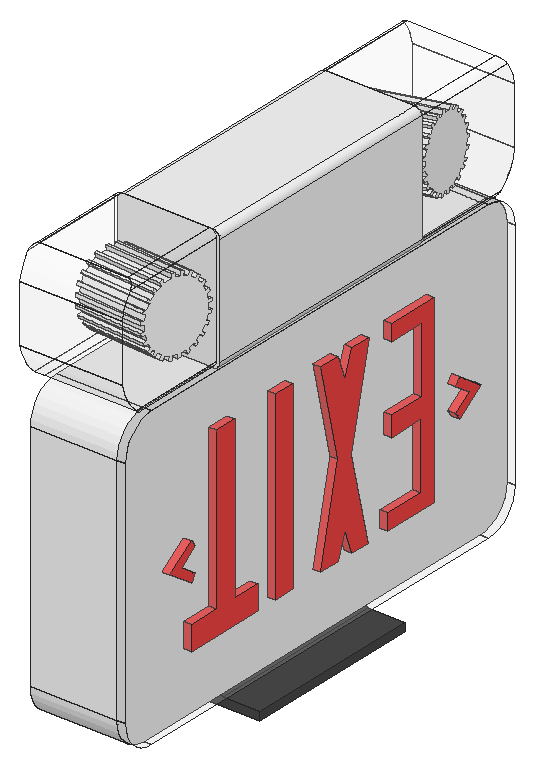
Revit family "DYNC_Ceiling", category Lighting Fixtures, host Face, Revit 2014
Parameters (values of type "DYNC-S-R")
  zz Length 1 [instance] = if(Single Face, 0.200", 0.250")  # 0.200"
  Watts = 3.72 W
  Wattage Comments = "3.72 W"
  Warranty = "Fixture: 5 Years Full; Battery: 2 Years Full, 8 Years Pro-Rata"  # constant formula
  Wall Plate Material = Hubbell - Black
  Voltage [instance] = if(Is 120VAC, 120 V, 277 V)  # 120 V
  URL = "https://www.hubbell.com/dual-lite/en"
  Type Comments = "Exit Light"  # constant formula
  Single Face = yes
  Product Page URL = "https://www.hubbell.com/dual-lite/en/Products/Lighting-Controls/Emergency-Exit-Lighting/Exit-Message-Signs/Dynamo-DYNC-Series/p/3015624"
  Product Documentation Link = "https://hubbellcdn.com/specsheet/DL_DYNC_SPEC.pdf"
  Model = "DYNC"  # constant formula
  Manufacturer = "DUAL-LITE"  # constant formula
  Load Classification = Lighting
  Lens = Hubbell - Red Glass
  Lamp = "LED Lamp"  # constant formula
  Is 277VAC [instance] = not(Is 120VAC)  # no
  Is 120VAC [instance] = yes
  Holder Material = Hubbell - Steel
  Glass = Hubbell - light Glass
  Finish = Hubbell - White
  Features = "NEMA 4X Rated\r\nUL Sanitation Certified\r\nFull Lumen output over 90 minutes of battery discharge\r\nHeavy Duty die-cast construction with polycarbonate shields\r\nLong-life Lithium Iron Phosphate battery\r\nRed or Green Letters in White or Black Finish\r\nWall, Ceiling or End Mount"  # constant formula
  Double Face = no
  Description = "DYNC Series is a highly versatile superior lumen output, industrial application combination Exit/Emergency lighting unit designed to provide a minimum of 90 minutes illumination when primary power is lost."  # constant formula
  Default Elevation = 48.000"
  Certification = "UL 924 Listed\r\nNFPA 101 Life Safety Code\r\nCEC T20 Compliant"  # constant formula
  Ceiling = Ceiling : C1
  Application = "NEMA 4 X, Wet, Industrial"  # constant formula
  Apparent Load = Watts  # 3.72 VA
Types (4): name | Lens | Double Face
  DYNC-S-R | Hubbell - Red Glass | no
  DYNC-S-G | Hubbell - Green Glass | no
  DYNC-D-G | Hubbell - Green Glass | yes
  DYNC-D-R | Hubbell - Red Glass | yes
Reference planes (in)
  plane 1 "Center (Front/Back)": y = 0
  plane 2: z = 0
  plane 3 "Center (Left/Right)": x = 0
  plane 4: x = -6.25
  plane 5: x = 6.25
  plane 6: x = -2.75
  plane 7: x = 2.75
  plane 8: z = 9.3
  plane 9: y = -1.25
  plane 10: y = 1.25
  plane 11: y = -2.2
  plane 12: y = 2.2
Forms (in)
  Extrusion 1, solid, material "Hubbell - Black" <- "Wall Plate Material"
    sketch origin (-0.33698, -0.33698, 0) x (1, 0, 0) y (0, 0, 1)
      loop
        line (2.20258, 0) -> (2.20258, 0.24288) -> (1.0795, 0.24288)
        arc (1.0795, 0.24288) -> (0.94157, 0.42301) -> (0.97906, 0.64676) r 0.28476
        line (0.97906, 0.64676) -> (-0.97906, 0.64676)
        arc (-0.97906, 0.64676) -> (-0.94157, 0.42301) -> (-1.0795, 0.24288) r 0.28476
        line (-1.0795, 0.24288) -> (-2.20258, 0.24288) -> (-2.20258, 0) -> (2.20258, 0)
    from -2.75 to 2.75
Dimensions and locks (in)
  plane 4 to plane 3 "Center (Left/Right)" = 6.250"
  equal spacing: plane 4, plane 3 "Center (Left/Right)", plane 5
  equal spacing: plane 6, plane 3 "Center (Left/Right)", plane 7
  plane 6 to plane 3 "Center (Left/Right)" = 2.750"
  plane 7 to plane 6 = 5.500"
  plane 5 to plane 4 = 12.500"
  aligned and locked: plane 2 to host face
  aligned and locked: level to host face
Automatic sketch dimensions
  host sketch curve to host sketch curve = 96.000"  (x2)
  Extrusion 1 sketch curve to level = 0.000"
  plane 6 to Extrusion 1 sketch curve = 0.21043"
  level to Extrusion 1 sketch curve = 0.49173"
  Extrusion 1 sketch curve to Extrusion 1 sketch curve = 0.98467"
  Extrusion 1 sketch curve to Extrusion 1 sketch curve = 0.13842"  (x2)
  Extrusion 1 sketch curve to Extrusion 1 sketch curve = 0.23886"
  plane 3 "Center (Left/Right)" to Extrusion 1 sketch curve = 0.64208"
  Extrusion 1 sketch curve to Extrusion 1 sketch curve = 0.10044"
  level to Extrusion 1 sketch curve = 0.24288"
  Extrusion 1 sketch curve to plane 7 = 0.8844"
  Extrusion 1 sketch curve to Extrusion 1 sketch curve = 0.24288"
Nested families (in)
  nested 1: "Ceiling" at (-0.3125, 0, 0.5625) x (0, 1, 0) z (0, 0, 1), type <- "Ceiling", type "C1"
  nested 2: "Family2" at (0.45318, 4.81217, 8.6175) x (-0.9744, -0.225, 0) z (0, 0, 1), type "Family2"
  nested 3: "Family2" at (0.32818, -5.18717, 8.6175) x (-0.9925, 0.1219, 0) z (0, 0, 1), type "Family2"
Connectors (in)
  electrical at (-0.33698, -0.33698, 0), driven by "Voltage", driven by "Apparent Load"
    settings: on Extrusion 1, index 1, voltage 120 V, apparent load 3.72 VA, apparent load phase1 0 VA, apparent load phase2 0 VA, apparent load phase3 0 VA, power factor 1, load classification "Other", number of poles 1, system type 30, power factor state 1, is connector primary yes, connector utility no, sub classification motor no, connector description "Lighting Connector"
Definition of nested family "Ceiling"
  Parameters (values of type "C1")
    Width = 3.100"
    Single Face = yes
    Lens = Hubbell - Red Glass
    Glass = Hubbell - light Glass
    Finish = Hubbell - White
    Double Face = no
  Reference planes (in)
    plane 1 "Center (Front/Back)": y = 0
    plane 2: z = 0
    plane 3 "Center (Left/Right)": x = 0
    plane 4: x = -7.375
    plane 5: x = 7.375
    plane 6: z = 9.055
    plane 7: y = -1.55
    plane 8: y = 1.55
    plane 9: z = 12.8
    plane 10: z = 13.6
  Forms (in)
    Extrusion 1, solid, material "Hubbell - White" <- "Finish"
      sketch origin (0, 0.02507, -0.25) x (1, 0, 0) y (0, 0, 1)
        loop
          arc (-6.375, 9.3) -> (-7.08211, 9.00711) -> (-7.375, 8.3) r 1
          line (-7.375, 8.3) -> (-7.375, 1.25)
          arc (-7.375, 1.25) -> (-7.08211, 0.54289) -> (-6.375, 0.25) r 1
          line (-6.375, 0.25) -> (6.375, 0.25)
          arc (6.375, 0.25) -> (7.08211, 0.54289) -> (7.375, 1.25) r 1
          line (7.375, 1.25) -> (7.375, 8.3)
          arc (7.375, 8.3) -> (7.08211, 9.00711) -> (6.375, 9.3) r 1
          line (6.375, 9.3) -> (-6.375, 9.3)
      from -1.3125 to 1.3125
    Extrusion 2, solid, material "Hubbell - Red Glass" <- "Lens", visible <- "Single Face"
      sketch origin (0, -0.66243, 1) x (1, 0, 0) y (0, 0, 1)
        loop
          line (-4.88814, 3.88778) -> (-5.7073, 3.3142) -> (-4.88814, 2.74063) -> (-4.74475, 2.94542) -> (-5.27143, 3.3142) -> (-4.74475, 3.68299) -> (-4.88814, 3.88778)
        loop
          line (5.26314, 3.88778) -> (5.11975, 3.68299) -> (5.64643, 3.3142) -> (5.11975, 2.94542) -> (5.26314, 2.74063) -> (6.0823, 3.3142) -> (5.26314, 3.88778)
        loop
          line (2.68416, 6.45678) -> (2.68416, 5.97564) -> (3.8216, 5.97564) -> (3.8216, 3.97225) -> (2.68416, 3.97225) -> (2.68416, 3.36683) -> (3.80274, 3.3823) -> (3.80274, 1.3823) -> (2.55274, 1.3823) -> (2.55274, 0.8823) -> (4.30274, 0.8823) -> (4.30274, 6.45678) -> (2.68416, 6.45678)
        loop
          line (1.83093, 6.45573) -> (1.20036, 6.45573) -> (0.92318, 5.69418) -> (0.646, 6.45573) -> (0.01543, 6.45573) -> (0.65867, 3.66954) -> (0.01543, 0.88335) -> (0.646, 0.88335) -> (0.92318, 1.64489) -> (1.20036, 0.88335) -> (1.78078, 0.88335) -> (1.16261, 3.56092) -> (1.83093, 6.45573)
        loop
          line (-1.71319, 6.47228) -> (-1.71319, 0.88335) -> (-1.04357, 0.88335) -> (-1.04357, 6.47228) -> (-1.71319, 6.47228)
        loop
          line (-2.38057, 0.88335) -> (-2.38057, 1.61488) -> (-3.25288, 1.61488) -> (-3.25288, 6.47228) -> (-3.9225, 6.47228) -> (-3.9225, 1.61488) -> (-4.89234, 1.61488) -> (-4.89234, 0.88335) -> (-2.38057, 0.88335)
      from 0.625 to 0.89107
    Extrusion 3, solid, material "Hubbell - light Glass" <- "Glass", visible <- "Single Face"
      sketch origin (0, -0.66243, -0.25) x (1, 0, 0) y (0, 0, 1)
        loop
          line (-7.375, 8.305) -> (-7.375, 1.25)
          arc (-7.375, 1.25) -> (-7.08211, 0.54289) -> (-6.375, 0.25) r 1
          line (-6.375, 0.25) -> (6.375, 0.25)
          arc (6.375, 0.25) -> (7.08211, 0.54289) -> (7.375, 1.25) r 1
          line (7.375, 1.25) -> (7.375, 8.305)
          arc (7.375, 8.305) -> (7.08211, 9.01211) -> (6.375, 9.305) r 1
          line (6.375, 9.305) -> (-6.375, 9.305)
          arc (-6.375, 9.305) -> (-7.08211, 9.01211) -> (-7.375, 8.305) r 1
      from 0.625 to 0.89107
    Extrusion 4, solid, material "Hubbell - Red Glass" <- "Lens", visible <- "Double Face"
      sketch origin (0, 0.71257, 8.35458) x (-1, 0, 0) y (0, 0, 1)
        loop
          line (-4.95064, -3.88778) -> (-4.80725, -3.68299) -> (-5.33393, -3.3142) -> (-4.80725, -2.94542) -> (-4.95064, -2.74063) -> (-5.7698, -3.3142) -> (-4.95064, -3.88778)
        loop
          line (5.20064, -3.88778) -> (6.0198, -3.3142) -> (5.20064, -2.74063) -> (5.05725, -2.94542) -> (5.58393, -3.3142) -> (5.05725, -3.68299) -> (5.20064, -3.88778)
        loop
          line (2.68416, -6.45678) -> (4.30274, -6.45678) -> (4.30274, -0.8823) -> (2.55274, -0.8823) -> (2.55274, -1.3823) -> (3.80274, -1.3823) -> (3.80274, -3.3823) -> (2.68416, -3.36683) -> (2.68416, -3.97225) -> (3.8216, -3.97225) -> (3.8216, -5.97564) -> (2.68416, -5.97564) -> (2.68416, -6.45678)
        loop
          line (1.83093, -6.45573) -> (1.16261, -3.56092) -> (1.78078, -0.88335) -> (1.20036, -0.88335) -> (0.92318, -1.64489) -> (0.646, -0.88335) -> (0.01543, -0.88335) -> (0.65867, -3.66954) -> (0.01543, -6.45573) -> (0.646, -6.45573) -> (0.92318, -5.69418) -> (1.20036, -6.45573) -> (1.83093, -6.45573)
        loop
          line (-1.77569, -6.47228) -> (-1.10607, -6.47228) -> (-1.10607, -0.88335) -> (-1.77569, -0.88335) -> (-1.77569, -6.47228)
        loop
          line (-4.95484, -6.47228) -> (-2.44307, -6.47228) -> (-2.44307, -5.74075) -> (-3.41291, -5.74075) -> (-3.41291, -0.88335) -> (-4.08253, -0.88335) -> (-4.08253, -5.74075) -> (-4.95484, -5.74075) -> (-4.95484, -6.47228)
      from 0.625 to 0.84093
    Extrusion 5, solid, material "Hubbell - light Glass" <- "Glass", visible <- "Double Face"
      sketch origin (0, 0.71257, -0.25) x (1, 0, 0) y (0, 0, -1)
        loop
          line (7.375, -8.3) -> (7.375, -1.25)
          arc (7.375, -1.25) -> (7.08211, -0.54289) -> (6.375, -0.25) r 1
          line (6.375, -0.25) -> (-6.375, -0.25)
          arc (-6.375, -0.25) -> (-7.08211, -0.54289) -> (-7.375, -1.25) r 1
          line (-7.375, -1.25) -> (-7.375, -8.3)
          arc (-7.375, -8.3) -> (-7.08211, -9.00711) -> (-6.375, -9.3) r 1
          line (-6.375, -9.3) -> (6.375, -9.3)
          arc (6.375, -9.3) -> (7.08211, -9.00711) -> (7.375, -8.3) r 1
      from 0.625 to 0.84093
    Extrusion 6, solid, material "Hubbell - White" <- "Finish"
      sketch origin (0, 0, 0) x (0, 1, 0) y (0, 0, 1)
        loop
          arc (1.40408, 9.05) -> (1.50726, 9.09274) -> (1.55, 9.19592) r 0.14592
          line (1.55, 9.19592) -> (1.55, 12.58698)
          arc (1.55, 12.58698) -> (1.48761, 12.73761) -> (1.33698, 12.8) r 0.21302
          line (1.33698, 12.8) -> (-1.33575, 12.8)
          arc (-1.33575, 12.8) -> (-1.48725, 12.73725) -> (-1.55, 12.58575) r 0.21425
          line (-1.55, 12.58575) -> (-1.55, 9.2302)
          arc (-1.55, 9.2302) -> (-1.49722, 9.10278) -> (-1.3698, 9.05) r 0.1802
          line (-1.3698, 9.05) -> (1.40408, 9.05)
      from -3.80274 to 3.8216
    Extrusion 7, solid, material "Hubbell - light Glass" <- "Glass"
      sketch origin (-8.5, 0.09375, 0) x (0, 1, 0) y (0, 0, 1)
        loop
          arc (1.40408, 9.05) -> (1.50726, 9.09274) -> (1.55, 9.19592) r 0.14592
          line (1.55, 9.19592) -> (1.55, 12.58698)
          arc (1.55, 12.58698) -> (1.48761, 12.73761) -> (1.33698, 12.8) r 0.21302
          line (1.33698, 12.8) -> (-1.33575, 12.8)
          arc (-1.33575, 12.8) -> (-1.48725, 12.73725) -> (-1.55, 12.58575) r 0.21425
          line (-1.55, 12.58575) -> (-1.55, 9.2302)
          arc (-1.55, 9.2302) -> (-1.49722, 9.10278) -> (-1.3698, 9.05) r 0.1802
          line (-1.3698, 9.05) -> (1.40408, 9.05)
      from 1.125 to 4.69726
    Extrusion 8, solid, material "Hubbell - light Glass" <- "Glass"
      sketch origin (8.5, 0, 0) x (0, 1, 0) y (0, 0, -1)
        loop
          line (1.40408, -9.05) -> (-1.3698, -9.05)
          arc (-1.3698, -9.05) -> (-1.49722, -9.10278) -> (-1.55, -9.2302) r 0.1802
          line (-1.55, -9.2302) -> (-1.55, -12.58575)
          arc (-1.55, -12.58575) -> (-1.48725, -12.73725) -> (-1.33575, -12.8) r 0.21425
          line (-1.33575, -12.8) -> (1.33698, -12.8)
          arc (1.33698, -12.8) -> (1.48761, -12.73761) -> (1.55, -12.58698) r 0.21302
          line (1.55, -12.58698) -> (1.55, -9.19592)
          arc (1.55, -9.19592) -> (1.50726, -9.09274) -> (1.40408, -9.05) r 0.14592
      from 1.125 to 4.69726
    Extrusion 9, void
      sketch origin (0.03125, 0, 0) x (1, 0, 0) y (0, 0, 1)
        loop
          line (-6.4079, 13.16468) -> (-7.87985, 13.16468) -> (-7.87985, 9.05) -> (-6.6482, 9.05)
          arc (-6.6482, 9.05) -> (-7.21595, 9.64124) -> (-7.4355, 10.43099) r 1.67637
          line (-7.4355, 10.43099) -> (-7.4355, 11.60825)
          arc (-7.4355, 11.60825) -> (-7.14621, 12.53469) -> (-6.4079, 13.16468) r 1.75073
      from -1.74651 to 1.7598
    Extrusion 10, void
      sketch origin (-0.03125, 0, 0) x (-1, 0, 0) y (0, 0, -1)
        loop
          arc (-6.4079, -13.16468) -> (-7.14621, -12.53469) -> (-7.4355, -11.60825) r 1.75073
          line (-7.4355, -11.60825) -> (-7.4355, -10.43099)
          arc (-7.4355, -10.43099) -> (-7.21595, -9.64124) -> (-6.6482, -9.05) r 1.67637
          line (-6.6482, -9.05) -> (-7.87985, -9.05) -> (-7.87985, -13.16468) -> (-6.4079, -13.16468)
      from -1.74651 to 1.7598
    Extrusion 11, solid, material "Hubbell - White" <- "Finish"
      sketch origin (1.24099, -1.94508, 0.39328) x (-0.984206, 0.166352, -0.060547) y (0.045818, -0.090997, -0.994797)
        loop
          line (5.62448, -11.89005) -> (5.62448, -12.01258) -> (5.71473, -12.01258) -> (5.71473, -11.89413)
          arc (5.71473, -11.89413) -> (5.84526, -11.88558) -> (5.97355, -11.86006) r 1
          line (5.97355, -11.86006) -> (6.00421, -11.97447) -> (6.09138, -11.95111) -> (6.05967, -11.83276)
          arc (6.05967, -11.83276) -> (6.13876, -11.79978) -> (6.21473, -11.76016) r 1
          line (6.21473, -11.76016) -> (6.27395, -11.86274) -> (6.35212, -11.81761) -> (6.29085, -11.7115)
          arc (6.29085, -11.7115) -> (6.35871, -11.65918) -> (6.42184, -11.60124) r 1
          line (6.42184, -11.60124) -> (6.50559, -11.68499) -> (6.56941, -11.62117) -> (6.48277, -11.53453)
          arc (6.48277, -11.53453) -> (6.53477, -11.46643) -> (6.58076, -11.39413) r 1
          line (6.58076, -11.39413) -> (6.68333, -11.45336) -> (6.72846, -11.37519) -> (6.62235, -11.31393)
          arc (6.62235, -11.31393) -> (6.65495, -11.23469) -> (6.68066, -11.15295) r 1
          line (6.68066, -11.15295) -> (6.79507, -11.18361) -> (6.81843, -11.09643) -> (6.70007, -11.06472)
          arc (6.70007, -11.06472) -> (6.71106, -10.97974) -> (6.71473, -10.89413) r 1
          line (6.71473, -10.89413) -> (6.83318, -10.89413) -> (6.83318, -10.80388) -> (6.71065, -10.80388)
          arc (6.71065, -10.80388) -> (6.69927, -10.71895) -> (6.68066, -10.63531) r 1
          line (6.68066, -10.63531) -> (6.79507, -10.60466) -> (6.77171, -10.51748) -> (6.65335, -10.54919)
          arc (6.65335, -10.54919) -> (6.62038, -10.4701) -> (6.58076, -10.39413) r 1
          line (6.58076, -10.39413) -> (6.68333, -10.33491) -> (6.63821, -10.25675) -> (6.53209, -10.31801)
          arc (6.53209, -10.31801) -> (6.50808, -10.28537) -> (6.48277, -10.25373) r 1
          line (6.48277, -10.25373) -> (6.56941, -10.16709) -> (6.50559, -10.10327) -> (6.42184, -10.18702)
          arc (6.42184, -10.18702) -> (6.35871, -10.12909) -> (6.29085, -10.07677) r 1
          line (6.29085, -10.07677) -> (6.35212, -9.97065) -> (6.27395, -9.92553) -> (6.21473, -10.02811)
          arc (6.21473, -10.02811) -> (6.13876, -9.98848) -> (6.05967, -9.95551) r 1
          line (6.05967, -9.95551) -> (6.09138, -9.83715) -> (6.00421, -9.81379) -> (5.97355, -9.92821)
          arc (5.97355, -9.92821) -> (5.88991, -9.9096) -> (5.80498, -9.89821) r 1
          line (5.80498, -9.89821) -> (5.80498, -9.77568) -> (5.71473, -9.77568) -> (5.71473, -9.89413)
          arc (5.71473, -9.89413) -> (5.62912, -9.8978) -> (5.54415, -9.90879) r 1
          line (5.54415, -9.90879) -> (5.51243, -9.79043) -> (5.42525, -9.81379) -> (5.45591, -9.92821)
          arc (5.45591, -9.92821) -> (5.37417, -9.95391) -> (5.29493, -9.98651) r 1
          line (5.29493, -9.98651) -> (5.23367, -9.8804) -> (5.15551, -9.92553) -> (5.21473, -10.02811)
          arc (5.21473, -10.02811) -> (5.14243, -10.07409) -> (5.07433, -10.12609) r 1
          line (5.07433, -10.12609) -> (4.98769, -10.03945) -> (4.92387, -10.10327) -> (5.00762, -10.18702)
          arc (5.00762, -10.18702) -> (4.94969, -10.25015) -> (4.89737, -10.31801) r 1
          line (4.89737, -10.31801) -> (4.79125, -10.25675) -> (4.74613, -10.33491) -> (4.8487, -10.39413)
          arc (4.8487, -10.39413) -> (4.80908, -10.4701) -> (4.77611, -10.54919) r 1
          line (4.77611, -10.54919) -> (4.65775, -10.51748) -> (4.63439, -10.60466) -> (4.7488, -10.63531)
          arc (4.7488, -10.63531) -> (4.73019, -10.71895) -> (4.71881, -10.80388) r 1
          line (4.71881, -10.80388) -> (4.59628, -10.80388) -> (4.59628, -10.89413) -> (4.71473, -10.89413)
          arc (4.71473, -10.89413) -> (4.7184, -10.97974) -> (4.72939, -11.06472) r 1
          line (4.72939, -11.06472) -> (4.61103, -11.09643) -> (4.63439, -11.18361) -> (4.7488, -11.15295)
          arc (4.7488, -11.15295) -> (4.77451, -11.23469) -> (4.80711, -11.31393) r 1
          line (4.80711, -11.31393) -> (4.701, -11.37519) -> (4.74613, -11.45336) -> (4.8487, -11.39413)
          arc (4.8487, -11.39413) -> (4.89469, -11.46643) -> (4.94669, -11.53453) r 1
          line (4.94669, -11.53453) -> (4.86005, -11.62117) -> (4.92387, -11.68499) -> (5.00762, -11.60124)
          arc (5.00762, -11.60124) -> (5.07075, -11.65918) -> (5.13861, -11.7115) r 1
          line (5.13861, -11.7115) -> (5.07734, -11.81761) -> (5.15551, -11.86274) -> (5.21473, -11.76016)
          arc (5.21473, -11.76016) -> (5.2907, -11.79978) -> (5.36979, -11.83276) r 1
          line (5.36979, -11.83276) -> (5.33808, -11.95111) -> (5.42525, -11.97447) -> (5.45591, -11.86006)
          arc (5.45591, -11.86006) -> (5.53955, -11.87867) -> (5.62448, -11.89005) r 1
      from -1.05758 to 1.28743
    Extrusion 12, solid, material "Hubbell - White" <- "Finish"
      sketch origin (-1.24099, -1.76154, 0.36296) x (0.984206, 0.167383, -0.057635) y (0.045818, 0.073622, 0.996233)
        loop
          arc (5.62448, 11.89005) -> (5.53955, 11.87867) -> (5.45591, 11.86006) r 1
          line (5.45591, 11.86006) -> (5.42525, 11.97447) -> (5.33808, 11.95111) -> (5.36979, 11.83276)
          arc (5.36979, 11.83276) -> (5.2907, 11.79978) -> (5.21473, 11.76016) r 1
          line (5.21473, 11.76016) -> (5.15551, 11.86274) -> (5.07734, 11.81761) -> (5.13861, 11.7115)
          arc (5.13861, 11.7115) -> (5.07075, 11.65918) -> (5.00762, 11.60124) r 1
          line (5.00762, 11.60124) -> (4.92387, 11.68499) -> (4.86005, 11.62117) -> (4.94669, 11.53453)
          arc (4.94669, 11.53453) -> (4.89469, 11.46643) -> (4.8487, 11.39413) r 1
          line (4.8487, 11.39413) -> (4.74613, 11.45336) -> (4.701, 11.37519) -> (4.80711, 11.31393)
          arc (4.80711, 11.31393) -> (4.77451, 11.23469) -> (4.7488, 11.15295) r 1
          line (4.7488, 11.15295) -> (4.63439, 11.18361) -> (4.61103, 11.09643) -> (4.72939, 11.06472)
          arc (4.72939, 11.06472) -> (4.7184, 10.97974) -> (4.71473, 10.89413) r 1
          line (4.71473, 10.89413) -> (4.59628, 10.89413) -> (4.59628, 10.80388) -> (4.71881, 10.80388)
          arc (4.71881, 10.80388) -> (4.73019, 10.71895) -> (4.7488, 10.63531) r 1
          line (4.7488, 10.63531) -> (4.63439, 10.60466) -> (4.65775, 10.51748) -> (4.77611, 10.54919)
          arc (4.77611, 10.54919) -> (4.80908, 10.4701) -> (4.8487, 10.39413) r 1
          line (4.8487, 10.39413) -> (4.74613, 10.33491) -> (4.79125, 10.25675) -> (4.89737, 10.31801)
          arc (4.89737, 10.31801) -> (4.94969, 10.25015) -> (5.00762, 10.18702) r 1
          line (5.00762, 10.18702) -> (4.92387, 10.10327) -> (4.98769, 10.03945) -> (5.07433, 10.12609)
          arc (5.07433, 10.12609) -> (5.14243, 10.07409) -> (5.21473, 10.02811) r 1
          line (5.21473, 10.02811) -> (5.15551, 9.92553) -> (5.23367, 9.8804) -> (5.29493, 9.98651)
          arc (5.29493, 9.98651) -> (5.37417, 9.95391) -> (5.45591, 9.92821) r 1
          line (5.45591, 9.92821) -> (5.42525, 9.81379) -> (5.51243, 9.79043) -> (5.54415, 9.90879)
          arc (5.54415, 9.90879) -> (5.62912, 9.8978) -> (5.71473, 9.89413) r 1
          line (5.71473, 9.89413) -> (5.71473, 9.77568) -> (5.80498, 9.77568) -> (5.80498, 9.89821)
          arc (5.80498, 9.89821) -> (5.88991, 9.9096) -> (5.97355, 9.92821) r 1
          line (5.97355, 9.92821) -> (6.00421, 9.81379) -> (6.09138, 9.83715) -> (6.05967, 9.95551)
          arc (6.05967, 9.95551) -> (6.13876, 9.98848) -> (6.21473, 10.02811) r 1
          line (6.21473, 10.02811) -> (6.27395, 9.92553) -> (6.35212, 9.97065) -> (6.29085, 10.07677)
          arc (6.29085, 10.07677) -> (6.35871, 10.12909) -> (6.42184, 10.18702) r 1
          line (6.42184, 10.18702) -> (6.50559, 10.10327) -> (6.56941, 10.16709) -> (6.48277, 10.25373)
          arc (6.48277, 10.25373) -> (6.50808, 10.28537) -> (6.53209, 10.31801) r 1
          line (6.53209, 10.31801) -> (6.63821, 10.25675) -> (6.68333, 10.33491) -> (6.58076, 10.39413)
          arc (6.58076, 10.39413) -> (6.62038, 10.4701) -> (6.65335, 10.54919) r 1
          line (6.65335, 10.54919) -> (6.77171, 10.51748) -> (6.79507, 10.60466) -> (6.68066, 10.63531)
          arc (6.68066, 10.63531) -> (6.69927, 10.71895) -> (6.71065, 10.80388) r 1
          line (6.71065, 10.80388) -> (6.83318, 10.80388) -> (6.83318, 10.89413) -> (6.71473, 10.89413)
          arc (6.71473, 10.89413) -> (6.71106, 10.97974) -> (6.70007, 11.06472) r 1
          line (6.70007, 11.06472) -> (6.81843, 11.09643) -> (6.79507, 11.18361) -> (6.68066, 11.15295)
          arc (6.68066, 11.15295) -> (6.65495, 11.23469) -> (6.62235, 11.31393) r 1
          line (6.62235, 11.31393) -> (6.72846, 11.37519) -> (6.68333, 11.45336) -> (6.58076, 11.39413)
          arc (6.58076, 11.39413) -> (6.53477, 11.46643) -> (6.48277, 11.53453) r 1
          line (6.48277, 11.53453) -> (6.56941, 11.62117) -> (6.50559, 11.68499) -> (6.42184, 11.60124)
          arc (6.42184, 11.60124) -> (6.35871, 11.65918) -> (6.29085, 11.7115) r 1
          line (6.29085, 11.7115) -> (6.35212, 11.81761) -> (6.27395, 11.86274) -> (6.21473, 11.76016)
          arc (6.21473, 11.76016) -> (6.13876, 11.79978) -> (6.05967, 11.83276) r 1
          line (6.05967, 11.83276) -> (6.09138, 11.95111) -> (6.00421, 11.97447) -> (5.97355, 11.86006)
          arc (5.97355, 11.86006) -> (5.84526, 11.88558) -> (5.71473, 11.89413) r 1
          line (5.71473, 11.89413) -> (5.71473, 12.01258) -> (5.62448, 12.01258) -> (5.62448, 11.89005)
      from -1.05758 to 1.28743
  Cuts and joins
    Extrusion 9 cuts Extrusion 1
    Extrusion 9 cuts Extrusion 3
    Extrusion 9, Extrusion 10 cuts Extrusion 7
    Extrusion 10 cuts Extrusion 8
  Dimensions and locks (in)
    plane 6 to level = 9.055"
    plane 5 to plane 4 = 14.750"
    equal spacing: plane 5, plane 3 "Center (Left/Right)", plane 4
    "Width": plane 8 to plane 7
    equal spacing: plane 8, plane 1 "Center (Front/Back)", plane 7
    aligned and locked: plane 2 to level
  Automatic sketch dimensions
    Extrusion 1 sketch curve to plane 4 = 0.000"
    Extrusion 1 sketch curve to level = 0.000"
    Extrusion 1 sketch curve to plane 5 = 0.000"
    plane 4 to Extrusion 1 sketch curve = 1.000"  (x2)
    Extrusion 1 sketch curve to plane 6 = 0.005"
    Extrusion 1 sketch curve to plane 5 = 1.000"  (x2)
    plane 4 to Extrusion 2 sketch curve = 1.6677"
    Extrusion 2 sketch curve to Extrusion 2 sketch curve = 0.43586"  (x2)
    Extrusion 2 sketch curve to Extrusion 2 sketch curve = 0.37909"
    Extrusion 2 sketch curve to Extrusion 2 sketch curve = 0.38329"  (x2)
    Extrusion 2 sketch curve to Extrusion 2 sketch curve = 0.14339"  (x4)
    Extrusion 2 sketch curve to Extrusion 2 sketch curve = 0.96565"
    Extrusion 2 sketch curve to Extrusion 2 sketch curve = 0.66962"  (x2)
    Extrusion 2 sketch curve to Extrusion 2 sketch curve = 0.87231"
    Extrusion 2 sketch curve to Extrusion 2 sketch curve = 0.66738"
    plane 3 "Center (Left/Right)" to Extrusion 2 sketch curve = 0.01543"  (x2)
    Extrusion 2 sketch curve to Extrusion 2 sketch curve = 0.63057"  (x3)
    plane 3 "Center (Left/Right)" to Extrusion 2 sketch curve = 0.65867"
    Extrusion 2 sketch curve to Extrusion 2 sketch curve = 0.27718"  (x2)
    Extrusion 2 sketch curve to Extrusion 2 sketch curve = 0.50394"
    Extrusion 2 sketch curve to Extrusion 2 sketch curve = 0.55436"  (x2)
    Extrusion 2 sketch curve to Extrusion 2 sketch curve = 0.58042"
    Extrusion 2 sketch curve to Extrusion 2 sketch curve = 0.77196"
    Extrusion 2 sketch curve to Extrusion 2 sketch curve = 0.85323"
    Extrusion 2 sketch curve to Extrusion 2 sketch curve = 1.52154"
    Extrusion 2 sketch curve to Extrusion 2 sketch curve = 1.11859"
    Extrusion 2 sketch curve to Extrusion 2 sketch curve = 0.01886"
    Extrusion 2 sketch curve to Extrusion 2 sketch curve = 0.48114"  (x2)
    Extrusion 2 sketch curve to Extrusion 2 sketch curve = 1.31701"
    Extrusion 2 sketch curve to Extrusion 2 sketch curve = 0.000"  (x5)
    Extrusion 2 sketch curve to Extrusion 2 sketch curve = 0.52668"
    level to Extrusion 2 sketch curve = 1.8823"
    level to Extrusion 2 sketch curve = 1.88335"
    Extrusion 2 sketch curve to Extrusion 2 sketch curve = 0.500"
    Extrusion 2 sketch curve to Extrusion 2 sketch curve = 0.73153"
    Extrusion 2 sketch curve to Extrusion 2 sketch curve = 0.76154"  (x2)
    Extrusion 2 sketch curve to Extrusion 2 sketch curve = 1.12575"
    Extrusion 2 sketch curve to Extrusion 2 sketch curve = 1.35833"
    Extrusion 2 sketch curve to Extrusion 2 sketch curve = 0.20479"  (x2)
    Extrusion 2 sketch curve to Extrusion 2 sketch curve = 1.98453"
    Extrusion 2 sketch curve to Extrusion 2 sketch curve = 0.01547"
    Extrusion 2 sketch curve to Extrusion 2 sketch curve = 0.19409"
    Extrusion 2 sketch curve to Extrusion 2 sketch curve = 0.10862"
    Extrusion 2 sketch curve to Extrusion 2 sketch curve = 0.58995"
    Extrusion 2 sketch curve to Extrusion 2 sketch curve = 2.02465"
    Extrusion 2 sketch curve to Extrusion 2 sketch curve = 0.28145"
    Extrusion 2 sketch curve to Extrusion 2 sketch curve = 0.48009"
    Extrusion 2 sketch curve to plane 6 = 1.58272"
    Extrusion 2 sketch curve to Extrusion 2 sketch curve = 0.01655"
    Extrusion 3 sketch curve to plane 4 = 0.000"
    Extrusion 3 sketch curve to plane 6 = 0.000"
    Extrusion 3 sketch curve to level = 0.000"
    Extrusion 3 sketch curve to plane 5 = 0.000"
    plane 4 to Extrusion 3 sketch curve = 1.000"  (x2)
    Extrusion 3 sketch curve to plane 5 = 1.000"  (x2)
    Extrusion 4 sketch curve to plane 5 = 1.6052"
    Extrusion 4 sketch curve to Extrusion 4 sketch curve = 0.43586"  (x2)
    Extrusion 4 sketch curve to plane 5 = 2.42016"
    Extrusion 4 sketch curve to Extrusion 4 sketch curve = 0.38329"  (x2)
    Extrusion 4 sketch curve to Extrusion 4 sketch curve = 0.14339"  (x4)
    Extrusion 4 sketch curve to Extrusion 4 sketch curve = 0.86811"
    Extrusion 4 sketch curve to Extrusion 4 sketch curve = 0.66962"  (x2)
    Extrusion 4 sketch curve to Extrusion 4 sketch curve = 0.96984"
    Extrusion 4 sketch curve to Extrusion 4 sketch curve = 0.66738"
    Extrusion 4 sketch curve to plane 3 "Center (Left/Right)" = 0.01543"  (x2)
    Extrusion 4 sketch curve to Extrusion 4 sketch curve = 0.63057"  (x3)
    Extrusion 4 sketch curve to plane 3 "Center (Left/Right)" = 0.65867"
    Extrusion 4 sketch curve to Extrusion 4 sketch curve = 0.27718"  (x2)
    Extrusion 4 sketch curve to Extrusion 4 sketch curve = 0.50394"
    Extrusion 4 sketch curve to Extrusion 4 sketch curve = 0.55436"  (x2)
    Extrusion 4 sketch curve to Extrusion 4 sketch curve = 0.58042"
    Extrusion 4 sketch curve to Extrusion 4 sketch curve = 0.77196"
    Extrusion 4 sketch curve to Extrusion 4 sketch curve = 0.85323"
    Extrusion 4 sketch curve to Extrusion 4 sketch curve = 1.52154"
    Extrusion 4 sketch curve to Extrusion 4 sketch curve = 1.250"
    Extrusion 4 sketch curve to Extrusion 4 sketch curve = 0.01886"
    Extrusion 4 sketch curve to Extrusion 4 sketch curve = 0.48114"  (x2)
    Extrusion 4 sketch curve to Extrusion 4 sketch curve = 1.25451"
    Extrusion 4 sketch curve to Extrusion 4 sketch curve = 0.000"  (x3)
    Extrusion 4 sketch curve to Extrusion 4 sketch curve = 0.52668"
    level to Extrusion 4 sketch curve = 1.8823"
    level to Extrusion 4 sketch curve = 1.8978"
    Extrusion 4 sketch curve to Extrusion 4 sketch curve = 0.01655"
    Extrusion 4 sketch curve to Extrusion 4 sketch curve = 0.00106"
    Extrusion 4 sketch curve to Extrusion 4 sketch curve = 0.73153"
    Extrusion 4 sketch curve to Extrusion 4 sketch curve = 0.76154"  (x2)
    Extrusion 4 sketch curve to Extrusion 4 sketch curve = 2.00339"
    Extrusion 4 sketch curve to Extrusion 4 sketch curve = 1.85297"
    Extrusion 4 sketch curve to Extrusion 4 sketch curve = 0.08447"
    Extrusion 4 sketch curve to Extrusion 4 sketch curve = 0.20479"  (x2)
    Extrusion 4 sketch curve to Extrusion 4 sketch curve = 2.02465"
    Extrusion 4 sketch curve to Extrusion 4 sketch curve = 0.10862"
    Extrusion 4 sketch curve to Extrusion 4 sketch curve = 0.58995"
    Extrusion 4 sketch curve to Extrusion 4 sketch curve = 0.60542"
    Extrusion 4 sketch curve to Extrusion 4 sketch curve = 1.91603"
    Extrusion 4 sketch curve to Extrusion 4 sketch curve = 0.2626"
    Extrusion 4 sketch curve to plane 6 = 1.58378"  (x2)
    Extrusion 4 sketch curve to Extrusion 4 sketch curve = 0.49894"
    Extrusion 4 sketch curve to Extrusion 4 sketch curve = 0.500"
    Extrusion 5 sketch curve to plane 4 = 0.000"
    Extrusion 5 sketch curve to level = 0.000"
    Extrusion 5 sketch curve to plane 5 = 0.000"
    Extrusion 5 sketch curve to plane 6 = 0.005"
    plane 4 to Extrusion 5 sketch curve = 1.000"
    Extrusion 5 sketch curve to Extrusion 5 sketch curve = 1.000"  (x2)
    Extrusion 5 sketch curve to plane 5 = 1.000"
    Extrusion 6 sketch curve to plane 7 = 0.000"
    Extrusion 6 sketch curve to plane 9 = 0.000"
    Extrusion 6 sketch curve to plane 8 = 0.000"
    Extrusion 6 sketch curve to plane 6 = 0.005"
    Extrusion 6 sketch curve to plane 7 = 0.1802"
    Extrusion 6 sketch curve to Extrusion 6 sketch curve = 0.21425"
    plane 8 to Extrusion 6 sketch curve = 0.21302"
    plane 6 to Extrusion 6 sketch curve = 0.14092"
    Extrusion 7 sketch curve to plane 9 = 0.000"
    Extrusion 7 sketch curve to plane 7 = 0.09375"
    Extrusion 7 sketch curve to plane 6 = 0.005"
    Extrusion 7 sketch curve to Extrusion 7 sketch curve = 0.1802"
    Extrusion 7 sketch curve to Extrusion 7 sketch curve = 0.21425"
    plane 8 to Extrusion 7 sketch curve = 0.11927"
    plane 8 to Extrusion 7 sketch curve = 0.05217"
    Extrusion 7 sketch curve to plane 8 = 0.09375"
    Extrusion 8 sketch curve to plane 7 = 0.000"
    Extrusion 8 sketch curve to plane 9 = 0.000"
    Extrusion 8 sketch curve to plane 8 = 0.000"
    Extrusion 8 sketch curve to plane 6 = 0.005"
    Extrusion 8 sketch curve to plane 7 = 0.1802"
    Extrusion 8 sketch curve to Extrusion 8 sketch curve = 0.21425"
    plane 8 to Extrusion 8 sketch curve = 0.21302"
    plane 6 to Extrusion 8 sketch curve = 0.14092"
    Extrusion 9 sketch curve to plane 4 = 0.4736"
    Extrusion 9 sketch curve to plane 4 = 0.02925"
    Extrusion 9 sketch curve to plane 6 = 0.005"
    plane 4 to Extrusion 9 sketch curve = 0.75805"
    plane 9 to Extrusion 9 sketch curve = 0.36468"
    plane 4 to Extrusion 9 sketch curve = 0.99835"
    plane 6 to Extrusion 9 sketch curve = 1.41649"
    Extrusion 9 sketch curve to Extrusion 9 sketch curve = 0.88858"
    Extrusion 9 sketch curve to Extrusion 9 sketch curve = 0.07444"
    Extrusion 9 sketch curve to Extrusion 9 sketch curve = 1.0986"
    Extrusion 10 sketch curve to plane 5 = 0.4736"
    Extrusion 10 sketch curve to plane 5 = 0.02925"
    plane 6 to Extrusion 10 sketch curve = 0.005"
    plane 5 to Extrusion 10 sketch curve = 0.75805"
    Extrusion 10 sketch curve to plane 9 = 0.36468"
    plane 5 to Extrusion 10 sketch curve = 0.99835"
    Extrusion 10 sketch curve to plane 6 = 1.41649"
    Extrusion 10 sketch curve to Extrusion 10 sketch curve = 0.88858"
    Extrusion 10 sketch curve to Extrusion 10 sketch curve = 0.07444"
    Extrusion 10 sketch curve to Extrusion 10 sketch curve = 1.0986"
    Extrusion 11 sketch curve to Extrusion 11 sketch curve = 0.000"  (x552)
    Extrusion 11 sketch curve to Extrusion 11 sketch curve = 0.01475"
    Extrusion 11 sketch curve to Extrusion 11 sketch curve = 0.03811"  (x3)
    Extrusion 11 sketch curve to Extrusion 11 sketch curve = 0.02336"  (x6)
    Extrusion 11 sketch curve to Extrusion 11 sketch curve = 0.06661"
    Extrusion 11 sketch curve to Extrusion 11 sketch curve = 0.11845"  (x2)
    Extrusion 11 sketch curve to Extrusion 11 sketch curve = 0.00408"  (x2)
    Extrusion 11 sketch curve to Extrusion 11 sketch curve = 0.11835"  (x2)
    Extrusion 11 sketch curve to Extrusion 11 sketch curve = 0.04513"  (x4)
    Extrusion 11 sketch curve to Extrusion 11 sketch curve = 0.08837"
    Extrusion 11 sketch curve to Extrusion 11 sketch curve = 0.11441"  (x2)
    Extrusion 11 sketch curve to Extrusion 11 sketch curve = 0.01942"  (x3)
    Extrusion 11 sketch curve to Extrusion 11 sketch curve = 0.0273"  (x3)
    Extrusion 11 sketch curve to Extrusion 11 sketch curve = 0.10611"
    Extrusion 11 sketch curve to Extrusion 11 sketch curve = 0.04159"  (x3)
    Extrusion 11 sketch curve to Extrusion 11 sketch curve = 0.10258"  (x4)
    Extrusion 11 sketch curve to Extrusion 11 sketch curve = 0.11392"
    Extrusion 11 sketch curve to Extrusion 11 sketch curve = 0.04866"  (x3)
    Extrusion 11 sketch curve to Extrusion 11 sketch curve = 0.13262"
    Extrusion 11 sketch curve to Extrusion 11 sketch curve = 0.06382"  (x4)
    Extrusion 11 sketch curve to Extrusion 11 sketch curve = 0.08664"
    Extrusion 11 sketch curve to Extrusion 11 sketch curve = 0.06093"  (x4)
    Extrusion 11 sketch curve to Extrusion 11 sketch curve = 0.08376"  (x5)
    Extrusion 11 sketch curve to Extrusion 11 sketch curve = 0.0667"  (x2)
    Extrusion 11 sketch curve to Extrusion 11 sketch curve = 0.15348"
    Extrusion 11 sketch curve to Extrusion 11 sketch curve = 0.06126"
    Extrusion 11 sketch curve to Extrusion 11 sketch curve = 0.16782"
    Extrusion 11 sketch curve to Extrusion 11 sketch curve = 0.07816"  (x4)
    Extrusion 11 sketch curve to Extrusion 11 sketch curve = 0.07612"  (x3)
    Extrusion 11 sketch curve to Extrusion 11 sketch curve = 0.05922"  (x7)
    Extrusion 11 sketch curve to Extrusion 11 sketch curve = 0.0802"
    Extrusion 11 sketch curve to Extrusion 11 sketch curve = 0.18257"
    Extrusion 11 sketch curve to Extrusion 11 sketch curve = 0.03171"
    Extrusion 11 sketch curve to Extrusion 11 sketch curve = 0.19159"
    Extrusion 11 sketch curve to Extrusion 11 sketch curve = 0.08718"  (x4)
    Extrusion 11 sketch curve to Extrusion 11 sketch curve = 0.08612"  (x3)
    Extrusion 11 sketch curve to Extrusion 11 sketch curve = 0.03066"  (x5)
    Extrusion 11 sketch curve to Extrusion 11 sketch curve = 0.08823"
    Extrusion 11 sketch curve to Extrusion 11 sketch curve = 0.16857"  (x2)
    Extrusion 11 sketch curve to Extrusion 11 sketch curve = 0.500"
    Extrusion 11 sketch curve to Extrusion 11 sketch curve = 0.09025"  (x3)
    Extrusion 11 sketch curve to Extrusion 11 sketch curve = 0.25882"
    Extrusion 11 sketch curve to Extrusion 11 sketch curve = 0.15506"  (x2)
    Extrusion 11 sketch curve to Extrusion 11 sketch curve = 0.13099"  (x2)
    Extrusion 11 sketch curve to Extrusion 11 sketch curve = 0.04932"
    Extrusion 11 sketch curve to Extrusion 11 sketch curve = 0.09799"
    Extrusion 11 sketch curve to Extrusion 11 sketch curve = 0.0688"
    Extrusion 11 sketch curve to Extrusion 11 sketch curve = 0.0726"
    Extrusion 11 sketch curve to Extrusion 11 sketch curve = 0.05831"
    Extrusion 11 sketch curve to Extrusion 11 sketch curve = 0.02999"
    Extrusion 11 sketch curve to Extrusion 11 sketch curve = 0.12253"  (x2)
    Extrusion 12 sketch curve to Extrusion 12 sketch curve = 0.000"  (x552)
    Extrusion 12 sketch curve to Extrusion 12 sketch curve = 0.01475"  (x2)
    Extrusion 12 sketch curve to Extrusion 12 sketch curve = 0.03811"  (x2)
    Extrusion 12 sketch curve to Extrusion 12 sketch curve = 0.02336"  (x6)
    Extrusion 12 sketch curve to Extrusion 12 sketch curve = 0.06661"  (x2)
    Extrusion 12 sketch curve to Extrusion 12 sketch curve = 0.11845"  (x2)
    Extrusion 12 sketch curve to Extrusion 12 sketch curve = 0.00408"  (x2)
    Extrusion 12 sketch curve to Extrusion 12 sketch curve = 0.11835"  (x2)
    Extrusion 12 sketch curve to Extrusion 12 sketch curve = 0.04513"  (x4)
    Extrusion 12 sketch curve to Extrusion 12 sketch curve = 0.08837"
    Extrusion 12 sketch curve to Extrusion 12 sketch curve = 0.11441"  (x2)
    Extrusion 12 sketch curve to Extrusion 12 sketch curve = 0.01942"  (x2)
    Extrusion 12 sketch curve to Extrusion 12 sketch curve = 0.0273"  (x4)
    Extrusion 12 sketch curve to Extrusion 12 sketch curve = 0.10611"
    Extrusion 12 sketch curve to Extrusion 12 sketch curve = 0.04159"  (x2)
    Extrusion 12 sketch curve to Extrusion 12 sketch curve = 0.10258"  (x3)
    Extrusion 12 sketch curve to Extrusion 12 sketch curve = 0.11392"
    Extrusion 12 sketch curve to Extrusion 12 sketch curve = 0.04866"  (x4)
    Extrusion 12 sketch curve to Extrusion 12 sketch curve = 0.13262"
    Extrusion 12 sketch curve to Extrusion 12 sketch curve = 0.06382"  (x4)
    Extrusion 12 sketch curve to Extrusion 12 sketch curve = 0.08664"  (x2)
    Extrusion 12 sketch curve to Extrusion 12 sketch curve = 0.06093"  (x3)
    Extrusion 12 sketch curve to Extrusion 12 sketch curve = 0.08376"  (x4)
    Extrusion 12 sketch curve to Extrusion 12 sketch curve = 0.0667"  (x3)
    Extrusion 12 sketch curve to Extrusion 12 sketch curve = 0.15348"
    Extrusion 12 sketch curve to Extrusion 12 sketch curve = 0.06126"  (x4)
    Extrusion 12 sketch curve to Extrusion 12 sketch curve = 0.16782"
    Extrusion 12 sketch curve to Extrusion 12 sketch curve = 0.07816"  (x4)
    Extrusion 12 sketch curve to Extrusion 12 sketch curve = 0.07612"  (x3)
    Extrusion 12 sketch curve to Extrusion 12 sketch curve = 0.05922"  (x3)
    Extrusion 12 sketch curve to Extrusion 12 sketch curve = 0.0802"
    Extrusion 12 sketch curve to Extrusion 12 sketch curve = 0.18257"
    Extrusion 12 sketch curve to Extrusion 12 sketch curve = 0.03171"  (x5)
    Extrusion 12 sketch curve to Extrusion 12 sketch curve = 0.19159"
    Extrusion 12 sketch curve to Extrusion 12 sketch curve = 0.08718"  (x4)
    Extrusion 12 sketch curve to Extrusion 12 sketch curve = 0.08612"  (x3)
    Extrusion 12 sketch curve to Extrusion 12 sketch curve = 0.03066"  (x3)
    Extrusion 12 sketch curve to Extrusion 12 sketch curve = 0.08823"
    Extrusion 12 sketch curve to Extrusion 12 sketch curve = 0.16857"  (x2)
    Extrusion 12 sketch curve to Extrusion 12 sketch curve = 0.500"
    Extrusion 12 sketch curve to Extrusion 12 sketch curve = 0.09025"
    Extrusion 12 sketch curve to Extrusion 12 sketch curve = 0.25882"
    Extrusion 12 sketch curve to Extrusion 12 sketch curve = 0.15506"  (x2)
    Extrusion 12 sketch curve to Extrusion 12 sketch curve = 0.13099"  (x2)
    Extrusion 12 sketch curve to Extrusion 12 sketch curve = 0.04932"
    Extrusion 12 sketch curve to Extrusion 12 sketch curve = 0.09799"
    Extrusion 12 sketch curve to Extrusion 12 sketch curve = 0.0688"
    Extrusion 12 sketch curve to Extrusion 12 sketch curve = 0.0726"
    Extrusion 12 sketch curve to Extrusion 12 sketch curve = 0.05831"
    Extrusion 12 sketch curve to Extrusion 12 sketch curve = 0.02999"
    Extrusion 12 sketch curve to Extrusion 12 sketch curve = 0.12253"  (x2)
    Extrusion 12 sketch curve to Extrusion 12 sketch curve = 0.08966"
Definition of nested family "Family2"
  Parameters (values of type "Family2")
    Wattage = 9.2903 W
    built-in parameter 1150110 = 1 (stored number, unit not read)
    built-in parameter 1114217 = 1 (stored number, unit not read)
    Tilt Angle = 60.00°
    built-in parameter 1150109 = 1 (stored number, unit not read)
    built-in parameter 1150134 = (empty or 0)
    built-in parameter 1150113 = 1 (stored number, unit not read)
    Photometric Web File = "DYNC03.ies"
    Lumens = 1380 lm
    built-in parameter 1150115 = 1 (stored number, unit not read)
    built-in parameter 1150105 = 109.82 (stored number, unit not read)
    built-in parameter 1150137 = (empty or 0)
    built-in parameter 1150139 = (empty or 0)
    built-in parameter 1150112 = 1 (stored number, unit not read)
    built-in parameter 1150114 = 1 (stored number, unit not read)
    built-in parameter 1150132 = 2
    built-in parameter 1150102 = (empty or 0)
    built-in parameter 1150138 = (empty or 0)
    built-in parameter 1150107 = 3000 (stored number, unit not read)
    built-in parameter 1150106 = 1.0982 (stored number, unit not read)
    built-in parameter 1150104 = 13.8 (stored number, unit not read)
    Dimming Lamp Color Temperature Shift = (empty or 0)
    Color Filter = 16777215
    built-in parameter 1114218 = 1 (stored number, unit not read)
    built-in parameter 1150133 = 10 (stored number, unit not read)
  Reference planes (in)
    plane 1 "Light Source Axis (F/B)": y = 0
    plane 2: z = 0
    plane 3 "Light Source Axis (L/R)": x = 0
    plane 4 "Light Source Elevation": z = 51.47244
  Dimensions and locks (in)
    aligned and locked: plane 1 "Light Source Axis (F/B)" to imposter light
    aligned and locked: level to plane 2
